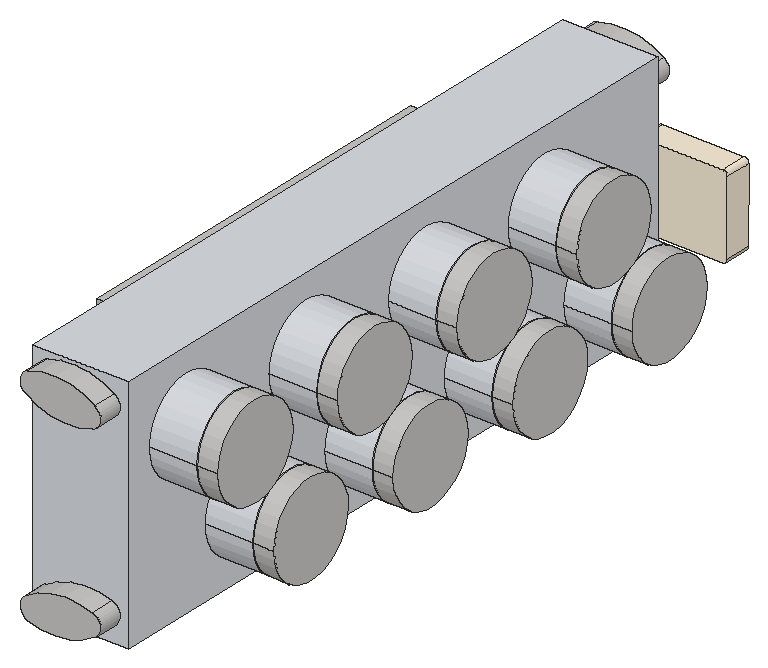
Revit family "HVAC_Ductwork_Airzone_Motorized-Plenum_Hitachi_Standard_8-Dampers", category Mechanical Equipment, Revit 2016
Family settings
  Part Type = Normal
  Round Connector Dimension = Use Diameter
  OmniClass Number = 23.75.70.14
  OmniClass Title = Air Ductwork
  Work Plane-Based = No
  Always vertical = Yes
  Cut with Voids When Loaded = No
  Shared = No
  Room Calculation Point = No
Parameters (values of type "HITST01XL8")
  Voltage = 230 V
  URL = "www.airzone.es"
  Type Image Comments = "Image available in product documentation download"  # constant formula
  Revit Model Version = "1.0"  # constant formula
  Revit Model Author URL = "www.a3d.es"
  Revit Model Author = "A3D Consulting"  # constant formula
  Product Documentation Download URL = "http://doc.airzone.es/BIM/Easyzone/Hitachi-Airzone_motorized_plenum.zip"
  Product Comments = "Refer to technical documentation for further details"  # constant formula
  Power Factor = 1
  Neck Width = 845.600 mm
  Neck Length = 95.000 mm
  Neck Height = 253.600 mm
  Material = Metal - AIRZONE - Galvanized Sheet - Semi-polished
  Main Control Board Material = Plastic - AIRZONE - Smooth - Off-white
  Load Classification = Other
  Insulated Body Width = 205.000 mm  # constant formula
  Insulated Body Material = Metal -AIRZONE - Insulating Lining -Aluminum Finish
  Insulated Body Length = 1425.000 mm  # constant formula
  Insulated Body Height = 515.000 mm  # constant formula
  Fresh Air Inlet 4 Flow [instance] = 0 m³/h
  Fresh Air Inlet 3 Flow [instance] = 0 m³/h
  Flow [instance] = Damper 8 Air Flow + Damper 7 Air Flow + Damper 6 Air Flow + Damper 5 Air Flow + Damper 4 Air Flow + Damper 3 Air Flow + Damper 2 Air Flow + Damper 1 Air Flow - Fresh Air Inlet 4 Flow - Fresh Air Inlet 3 Flow - Fresh Air Inlet 2 Flow - Fresh Air Inlet 1 Flow  # 2400 m³/h
  Fresh Air Inlet 1 Flow [instance] = 0 m³/h
  Fresh Air Inlet 2 Flow [instance] = 0 m³/h
  Fresh Air Inlet Connection Width = 175.000 mm
  Fresh Air Inlet Connection Height = 75.000 mm
  Model = "HITST01XL8"
  Neck Side Offset = 289.700 mm
  Neck Bottom Offset = 189.200 mm
  Type Image = <None>
  Manufacturer = "AIRZONE"  # constant formula
  Main Control Board Depth = 57.000 mm  # constant formula
  Main Control Board Width = 195.000 mm  # constant formula
  Main Control Board Height = 180.000 mm  # constant formula
  Fixing = ""
  Disclaimer = "All information provided in this model is reviewed before being published. However, Airzone cannot guarantee this model is error-free, therefore users are strongly encouraged to check for technical documentation and updates"  # constant formula
  Description = "Airzone standard motorized plenum with neck that mechanically adapts to the main ducted AC units of Hitachi."
  Type Comments = ""
  Dampers Length = 149.000 mm  # constant formula
  Dampers Diameter = 200.000 mm  # constant formula
  Damper 8 Air Flow [instance] = 300 m³/h
  Damper 7 Air Flow [instance] = 300 m³/h
  Damper 6 Air Flow [instance] = 300 m³/h
  Damper 5 Air Flow [instance] = 300 m³/h
  Damper 4 Air Flow [instance] = 300 m³/h
  Damper 1 Air Flow [instance] = 300 m³/h
  Damper 2 Air Flow [instance] = 300 m³/h
  Damper 3 Air Flow [instance] = 300 m³/h
  Fresh Air Inlet Connection Offset Height = 48.305 mm  # constant formula
  Compatible Accesories = ""
  Apparent Load = 57.5 VA
Types (2, lengths in mm): name | Neck Width | Neck Height | Model | Neck Side Offset | Neck Bottom Offset
  HITST01XL8 | 845.600 | 253.600 | "HITST01XL8" | 289.700 | 189.200
  HITST01L8 | 1262.200 | 179.400 | "HITST01L8" | 126.400 | 178.300
Reference planes
  plane 1 "Center (Front/Back)": y = 0
  plane 2 "Center (Elevation)": z = 0
  plane 3 "Center (Left/Right)": x = 0
  plane 4 "Neck Back": y = 422.8
  plane 5 "Neck Front": y = -422.8
  plane 6 "Neck Top": z = 126.8
  plane 7 "Neck Bottom": z = -126.8
  plane 8 "Left": x = 95
  plane 9 "Bottom": z = -316
  plane 10 "Top": z = 199
  plane 11 "Front": y = -712.5
  plane 12 "Back": y = 712.5
  plane 13 "Right": x = 300
  plane 14 "Dampers Front": x = 449
  plane 15 "Dampers L1 Center (Elevation)": z = 49
  plane 16 "Damper3": y = -235.84
  plane 17 "Damper2": y = 85.83
  plane 18 "Damper1": y = 407.5
  plane 19 "Middle": y = 0
  plane 20 "FreshAir L2 Center (Elevation)": z = -267.695
  plane 21 "FreshAir1": y = 765
  plane 22 "FreshAir2": y = -765
  plane 23 "Dampers Lining": x = 404
  plane 24 "FreshAir Vertical Axis": x = 195.83
  plane 25 "ConnectionBox Side": x = 254
  plane 26 "Main Control Board Center (Left/Right)": x = 351.5
  plane 27 "Damper4": y = -557.51
  plane 28 "Dampers L2 Center (Elevation)": z = -166
  plane 29 "Damper5": y = 557.51
  plane 30 "Damper6": y = 235.84
  plane 31 "Damper7": y = -85.83
  plane 32 "Damper8": y = -407.5
  plane 33 "InsulatedBody Center (Elevation)": z = -58.5
  plane 34 "FreshAir L1 Center (Elevation)": z = 150.695
Forms (mm)
  Extrusion 1, solid, material "Metal - AIRZONE - Galvanized Sheet - Semi-polished" <- "Material"
    sketch origin (0, 0, 0) x (0, 1, 0) y (0, 0, 1)
      loop
        line (-422.8, 126.8) -> (-422.8, -126.8) -> (422.8, -126.8) -> (422.8, 126.8) -> (-422.8, 126.8)
    from 0 to 95
  Extrusion 2, solid, material "Metal -AIRZONE - Insulating Lining -Aluminum Finish" <- "Insulated Body Material"
    sketch origin (95, 0, 0) x (0, 1, 0) y (0, 0, 1)
      loop
        line (-712.5, 199) -> (-712.5, -316) -> (712.5, -316) -> (712.5, 199) -> (-712.5, 199)
    from 0 to 205
  Extrusion 3, solid, material "Metal - AIRZONE - Galvanized Sheet - Semi-polished" <- "Material"
    sketch origin (300, 0, 0) x (0, 1, 0) y (0, 0, 1)
      loop
        circle (-235.84, 49) r 100
    from 104 to 149
  Extrusion 4, solid, material "Metal - AIRZONE - Galvanized Sheet - Semi-polished" <- "Material"
    sketch origin (300, 0, 0) x (0, 1, 0) y (0, 0, 1)
      loop
        circle (85.83, 49) r 100
    from 104 to 149
  Extrusion 5, solid, material "Metal - AIRZONE - Galvanized Sheet - Semi-polished" <- "Material"
    sketch origin (300, 0, 0) x (0, 1, 0) y (0, 0, 1)
      loop
        circle (407.5, 49) r 100
    from 104 to 149
  Extrusion 6, solid, material "Metal - AIRZONE - Galvanized Sheet - Semi-polished" <- "Material"
    sketch origin (0, -712.5, 0) x (0, 0, 1) y (1, 0, 0)
      loop
        arc (-235.141, 265.204) -> (-256.608, 282.105) -> (-281.312, 270.434) r 25.96
        arc (-281.312, 270.434) -> (-307.302, 200.598) -> (-299.849, 126.456) r 164.67
        arc (-299.849, 126.456) -> (-278.665, 109.589) -> (-253.994, 120.751) r 25.96
        arc (-253.994, 120.751) -> (-227.725, 190.78) -> (-235.141, 265.204) r 164.67
    from 0 to -52.5
  Extrusion 7, solid, material "Metal - AIRZONE - Galvanized Sheet - Semi-polished" <- "Material"
    sketch origin (0, 712.5, 0) x (0, 0, 1) y (1, 0, 0)
      loop
        arc (-235.141, 265.204) -> (-256.325, 282.071) -> (-280.996, 270.909) r 25.96
        arc (-280.996, 270.909) -> (-307.179, 201.53) -> (-300.267, 127.699) r 164.67
        arc (-300.267, 127.699) -> (-279.032, 109.637) -> (-253.678, 121.226) r 25.96
        arc (-253.678, 121.226) -> (-227.688, 191.062) -> (-235.141, 265.204) r 164.67
    from 0 to 52.5
  Extrusion 8, solid, material "Metal -AIRZONE - Insulating Lining -Aluminum Finish" <- "Insulated Body Material"
    sketch origin (300, 0, 0) x (0, 1, 0) y (0, 0, 1)
      loop
        circle (407.5, 49) r 100
    from 0 to 104
  Extrusion 9, solid, material "Metal -AIRZONE - Insulating Lining -Aluminum Finish" <- "Insulated Body Material"
    sketch origin (300, -260, 0) x (0, 1, 0) y (0, 0, 1)
      loop
        circle (345.83, 49) r 100
    from 0 to 104
  Extrusion 10, solid, material "Metal -AIRZONE - Insulating Lining -Aluminum Finish" <- "Insulated Body Material"
    sketch origin (300, -520, 0) x (0, 1, 0) y (0, 0, 1)
      loop
        circle (284.16, 49) r 100
    from 0 to 104
  Extrusion 11, solid, material "Metal - AIRZONE - Galvanized Sheet - Semi-polished" <- "Material"
    sketch origin (300, -190, 0) x (0, 1, 0) y (0, 0, 1)
      loop
        circle (-367.51, 49) r 100
    from 104 to 149
  Extrusion 12, solid, material "Metal -AIRZONE - Insulating Lining -Aluminum Finish" <- "Insulated Body Material"
    sketch origin (300, -710, 0) x (0, 1, 0) y (0, 0, 1)
      loop
        circle (152.49, 49) r 100
    from 0 to 104
  Extrusion 13, solid, material "Metal -AIRZONE - Insulating Lining -Aluminum Finish" <- "Insulated Body Material"
    sketch origin (300, -100, 0) x (0, 1, 0) y (0, 0, 1)
      loop
        circle (657.51, -166) r 100
    from 0 to 104
  Extrusion 14, solid, material "Metal - AIRZONE - Galvanized Sheet - Semi-polished" <- "Material"
    sketch origin (300, 150.01, 0) x (0, 1, 0) y (0, 0, 1)
      loop
        circle (407.5, -166) r 100
    from 104 to 149
  Extrusion 15, solid, material "Metal -AIRZONE - Insulating Lining -Aluminum Finish" <- "Insulated Body Material"
    sketch origin (300, -421.67, 0) x (0, 1, 0) y (0, 0, 1)
      loop
        circle (657.51, -166) r 100
    from 0 to 104
  Extrusion 16, solid, material "Metal - AIRZONE - Galvanized Sheet - Semi-polished" <- "Material"
    sketch origin (300, -171.66, 0) x (0, 1, 0) y (0, 0, 1)
      loop
        circle (407.5, -166) r 100
    from 104 to 149
  Extrusion 17, solid, material "Metal -AIRZONE - Insulating Lining -Aluminum Finish" <- "Insulated Body Material"
    sketch origin (300, -743.34, 0) x (0, 1, 0) y (0, 0, 1)
      loop
        circle (657.51, -166) r 100
    from 0 to 104
  Extrusion 18, solid, material "Metal - AIRZONE - Galvanized Sheet - Semi-polished" <- "Material"
    sketch origin (300, -493.33, 0) x (0, 1, 0) y (0, 0, 1)
      loop
        circle (407.5, -166) r 100
    from 104 to 149
  Extrusion 19, solid, material "Metal -AIRZONE - Insulating Lining -Aluminum Finish" <- "Insulated Body Material"
    sketch origin (300, -1065.01, 0) x (0, 1, 0) y (0, 0, 1)
      loop
        circle (657.51, -166) r 100
    from 0 to 104
  Extrusion 20, solid, material "Metal - AIRZONE - Galvanized Sheet - Semi-polished" <- "Material"
    sketch origin (300, -815, 0) x (0, 1, 0) y (0, 0, 1)
      loop
        circle (407.5, -166) r 100
    from 104 to 149
  Extrusion 21, solid, material "Metal - AIRZONE - Galvanized Sheet - Semi-polished" <- "Material"
    sketch origin (0, -712.5, -30) x (0, 0, -1) y (-1, 0, 0)
      loop
        arc (-148.141, -265.204) -> (-140.725, -190.78) -> (-166.994, -120.751) r 164.67
        arc (-166.994, -120.751) -> (-191.665, -109.589) -> (-212.849, -126.456) r 25.96
        arc (-212.849, -126.456) -> (-220.302, -200.598) -> (-194.312, -270.434) r 164.67
        arc (-194.312, -270.434) -> (-169.608, -282.105) -> (-148.141, -265.204) r 25.96
    from 0 to -52.5
  Extrusion 22, solid, material "Metal - AIRZONE - Galvanized Sheet - Semi-polished" <- "Material"
    sketch origin (0, 712.5, -30) x (0, 0, -1) y (-1, 0, 0)
      loop
        arc (-148.141, -265.204) -> (-140.688, -191.062) -> (-166.678, -121.226) r 164.67
        arc (-166.678, -121.226) -> (-192.032, -109.637) -> (-213.267, -127.699) r 25.96
        arc (-213.267, -127.699) -> (-220.179, -201.53) -> (-193.996, -270.909) r 164.67
        arc (-193.996, -270.909) -> (-169.325, -282.071) -> (-148.141, -265.204) r 25.96
    from 0 to 52.5
Lines and regions (mm)
  Masking region 1
    outline origin (0, 0, 0) x (1, 0, 0) y (0, 1, 0)
      loop
        line (95, 712.5) -> (95, -712.5) -> (300, -712.5) -> (300, 712.5) -> (95, 712.5)
  Masking region 2, detail levels medium+fine
    outline origin (0, 0, 0) x (1, 0, 0) y (0, 1, 0)
      loop
        line (0, 422.8) -> (0, -422.8) -> (95, -422.8) -> (95, 422.8) -> (0, 422.8)
  Masking region 3, detail levels medium+fine
    outline origin (0, 0, -267.695) x (1, 0, 0) y (0, 1, 0)
      loop
        line (108.33, 765) -> (108.33, 712.5) -> (283.33, 712.5) -> (283.33, 765) -> (108.33, 765)
  Masking region 4, detail levels medium+fine
    outline origin (0, 0, -267.695) x (1, 0, 0) y (0, 1, 0)
      loop
        line (108.33, -712.5) -> (108.33, -765) -> (283.33, -765) -> (283.33, -712.5) -> (108.33, -712.5)
  Masking region 5, detail levels medium+fine
    outline origin (0, 0, 0) x (1, 0, 0) y (0, 1, 0)
      loop
        line (254, 769.5) -> (254, 712.5) -> (449, 712.5) -> (449, 769.5) -> (254, 769.5)
  Masking region 6, detail levels medium+fine
    outline origin (0, 0, 49) x (0, -1, 0) y (1, 0, 0)
      loop
        line (457.51, 300) -> (657.51, 300) -> (657.51, 449) -> (457.51, 449) -> (457.51, 300)
  Masking region 7, detail levels medium+fine
    outline origin (0, 321.67, 49) x (0, -1, 0) y (1, 0, 0)
      loop
        line (457.51, 300) -> (657.51, 300) -> (657.51, 449) -> (457.51, 449) -> (457.51, 300)
  Masking region 8, detail levels medium+fine
    outline origin (0, 643.34, 49) x (0, -1, 0) y (1, 0, 0)
      loop
        line (457.51, 300) -> (657.51, 300) -> (657.51, 449) -> (457.51, 449) -> (457.51, 300)
  Masking region 9, detail levels medium+fine
    outline origin (0, 965.01, 49) x (0, -1, 0) y (1, 0, 0)
      loop
        line (457.51, 300) -> (657.51, 300) -> (657.51, 449) -> (457.51, 449) -> (457.51, 300)
  Masking region 10, detail levels medium+fine
    outline origin (0, 0, -166) x (0, -1, 0) y (1, 0, 0)
      loop
        line (-657.51, 300) -> (-457.51, 300) -> (-457.51, 449) -> (-657.51, 449) -> (-657.51, 300)
  Masking region 11, detail levels medium+fine
    outline origin (0, -321.67, -166) x (0, -1, 0) y (1, 0, 0)
      loop
        line (-657.51, 300) -> (-457.51, 300) -> (-457.51, 449) -> (-657.51, 449) -> (-657.51, 300)
  Masking region 12, detail levels medium+fine
    outline origin (0, -643.34, -166) x (0, -1, 0) y (1, 0, 0)
      loop
        line (-657.51, 300) -> (-457.51, 300) -> (-457.51, 449) -> (-657.51, 449) -> (-657.51, 300)
  Masking region 13, detail levels medium+fine
    outline origin (0, -965.01, -166) x (0, -1, 0) y (1, 0, 0)
      loop
        line (-657.51, 300) -> (-457.51, 300) -> (-457.51, 449) -> (-657.51, 449) -> (-657.51, 300)
  symbolic lines, detail levels coarse
    curve 1: line (95, -712.5, 0) -> (300, 0, 0)
    curve 2: line (300, 0, 0) -> (95, 712.5, 0)
Dimensions and locks
  equal spacing: plane 4 "Neck Back", plane 1 "Center (Front/Back)", plane 5 "Neck Front"
  "Neck Width": plane 4 "Neck Back" to plane 5 "Neck Front"
  equal spacing: plane 6 "Neck Top", level, plane 7 "Neck Bottom"
  "Neck Height": plane 6 "Neck Top" to plane 7 "Neck Bottom"
  "Neck Length": plane 3 "Center (Left/Right)" to plane 8 "Left"
  "Neck Bottom Offset": plane 7 "Neck Bottom" to plane 9 "Bottom"
  "Insulated Body Height": plane 10 "Top" to plane 9 "Bottom"
  "Insulated Body Length": plane 12 "Back" to plane 11 "Front"
  "Insulated Body Width": plane 8 "Left" to plane 13 "Right"
  "Dampers Length": plane 13 "Right" to plane 14 "Dampers Front"
  equal spacing: plane 12 "Back", plane 19 "Middle", plane 11 "Front"
  plane 8 "Left" to plane 13 "Right" = 205.000 mm
  "Fresh Air Inlet Connection Offset Height": plane 20 "FreshAir L2 Center (Elevation)" to plane 9 "Bottom"
  locked: Extrusion 6 sketch curve to plane 9 "Bottom" at 56.47
  locked: plane 13 "Right" to Extrusion 6 sketch curve at 43.69
  locked: plane 13 "Right" to Extrusion 6 sketch curve at 164.65
  locked: Extrusion 6 sketch curve to plane 9 "Bottom" at 40.54
  locked: plane 13 "Right" to Extrusion 6 sketch curve at 87.91
  locked: plane 9 "Bottom" to Extrusion 6 sketch curve at 75.01
  locked: plane 13 "Right" to Extrusion 6 sketch curve at 120.43
  locked: Extrusion 6 sketch curve to plane 9 "Bottom" at 172.02
  locked: plane 13 "Right" to Extrusion 7 sketch curve at 43.69
  locked: Extrusion 7 sketch curve to plane 9 "Bottom" at 56.47
  locked: Extrusion 7 sketch curve to plane 9 "Bottom" at 40.54
  locked: plane 13 "Right" to Extrusion 7 sketch curve at 164.65
  locked: plane 13 "Right" to Extrusion 7 sketch curve at 120.43
  locked: Extrusion 7 sketch curve to plane 9 "Bottom" at 172.02
  locked: plane 9 "Bottom" to Extrusion 7 sketch curve at 75.01
  locked: plane 13 "Right" to Extrusion 7 sketch curve at 87.91
  "Neck Side Offset": plane 12 "Back" to plane 4 "Neck Back"
  locked: plane 21 "FreshAir1" to plane 12 "Back" at 52.5
  plane 11 "Front" to plane 22 "FreshAir2" = 52.500 mm
  locked: connector elem to plane 13 "Right" at 104.17
  locked: plane 20 "FreshAir L2 Center (Elevation)" to connector elem
  locked: plane 13 "Right" to connector elem at 104.17
  locked: connector elem to plane 20 "FreshAir L2 Center (Elevation)"
  locked: plane 23 "Dampers Lining" to plane 14 "Dampers Front" at 45
  locked: plane 24 "FreshAir Vertical Axis" to plane 13 "Right" at 104.17
  equal spacing: Masking region 3 sketch curve, plane 24 "FreshAir Vertical Axis", Masking region 3 sketch curve
  "Fresh Air Inlet Connection Width": Masking region 3 sketch curve to Masking region 3 sketch curve
  equal spacing: Masking region 4 sketch curve, plane 24 "FreshAir Vertical Axis", Masking region 4 sketch curve
  "Fresh Air Inlet Connection Width": Masking region 4 sketch curve to Masking region 4 sketch curve
  "Main Control Board Depth": Masking region 5 sketch curve to plane 12 "Back"
  "Main Control Board Width": plane 25 "ConnectionBox Side" to plane 14 "Dampers Front"
  equal spacing: plane 25 "ConnectionBox Side", plane 26 "Main Control Board Center (Left/Right)", plane 14 "Dampers Front"
  equal spacing: Masking region 6 sketch curve, plane 27 "Damper4", Masking region 6 sketch curve
  "Dampers Diameter": Masking region 6 sketch curve to Masking region 6 sketch curve
  plane 18 "Damper1" to plane 17 "Damper2" to plane 16 "Damper3" to plane 27 "Damper4" = 321.670 mm locked, 321.670 mm locked, 321.670 mm locked
  locked: plane 17 "Damper2" to plane 19 "Middle" at 85.83
  locked: plane 10 "Top" to plane 15 "Dampers L1 Center (Elevation)" at 150
  locked: plane 28 "Dampers L2 Center (Elevation)" to plane 9 "Bottom" at 150
  plane 29 "Damper5" to plane 30 "Damper6" to plane 31 "Damper7" to plane 32 "Damper8" = 321.670 mm locked, 321.670 mm locked, 321.670 mm locked
  locked: plane 19 "Middle" to plane 31 "Damper7" at 85.83
  equal spacing: Masking region 7 sketch curve, plane 16 "Damper3", Masking region 7 sketch curve
  "Dampers Diameter": Masking region 7 sketch curve to Masking region 7 sketch curve
  equal spacing: Masking region 8 sketch curve, plane 17 "Damper2", Masking region 8 sketch curve
  "Dampers Diameter": Masking region 8 sketch curve to Masking region 8 sketch curve
  equal spacing: Masking region 9 sketch curve, plane 18 "Damper1", Masking region 9 sketch curve
  "Dampers Diameter": Masking region 9 sketch curve to Masking region 9 sketch curve
  equal spacing: Masking region 10 sketch curve, plane 29 "Damper5", Masking region 10 sketch curve
  "Dampers Diameter": Masking region 10 sketch curve to Masking region 10 sketch curve
  equal spacing: Masking region 11 sketch curve, plane 30 "Damper6", Masking region 11 sketch curve
  "Dampers Diameter": Masking region 11 sketch curve to Masking region 11 sketch curve
  equal spacing: Masking region 12 sketch curve, plane 31 "Damper7", Masking region 12 sketch curve
  "Dampers Diameter": Masking region 12 sketch curve to Masking region 12 sketch curve
  equal spacing: Masking region 13 sketch curve, plane 32 "Damper8", Masking region 13 sketch curve
  "Dampers Diameter": Masking region 13 sketch curve to Masking region 13 sketch curve
  equal spacing: plane 10 "Top", plane 33 "InsulatedBody Center (Elevation)", plane 9 "Bottom"
  locked: plane 13 "Right" to Extrusion 21 sketch curve at 43.69
  locked: plane 13 "Right" to Extrusion 21 sketch curve at 87.91
  locked: plane 13 "Right" to Extrusion 21 sketch curve at 120.43
  locked: plane 13 "Right" to Extrusion 21 sketch curve at 164.65
  locked: Extrusion 21 sketch curve to plane 10 "Top" at 75.01
  locked: plane 10 "Top" to Extrusion 21 sketch curve at 40.54
  locked: plane 10 "Top" to Extrusion 21 sketch curve at 56.47
  locked: plane 10 "Top" to Extrusion 21 sketch curve at 172.02
  locked: plane 10 "Top" to Extrusion 22 sketch curve at 75.01
  locked: Extrusion 22 sketch curve to plane 10 "Top" at 40.54
  locked: Extrusion 22 sketch curve to plane 10 "Top" at 56.47
  locked: Extrusion 22 sketch curve to plane 10 "Top" at 172.02
  locked: plane 13 "Right" to Extrusion 22 sketch curve at 43.69
  locked: plane 13 "Right" to Extrusion 22 sketch curve at 87.91
  locked: plane 13 "Right" to Extrusion 22 sketch curve at 120.43
  locked: plane 13 "Right" to Extrusion 22 sketch curve at 164.65
  "Fresh Air Inlet Connection Offset Height": plane 10 "Top" to plane 34 "FreshAir L1 Center (Elevation)"
  locked: connector elem to plane 24 "FreshAir Vertical Axis"  (x2)
  locked: connector elem to plane 34 "FreshAir L1 Center (Elevation)"  (x2)
  "Dampers Diameter": diameter of Extrusion 3 sketch curve
  "Dampers Diameter": diameter of Extrusion 4 sketch curve
  "Dampers Diameter": diameter of Extrusion 5 sketch curve
  radius of Extrusion 7 sketch curve = 164.670 mm  (x2)
  radius of Extrusion 7 sketch curve = 25.960 mm  (x2)
  radius of Extrusion 6 sketch curve = 164.670 mm  (x2)
  radius of Extrusion 6 sketch curve = 25.960 mm  (x2)
  "Dampers Diameter": diameter of Extrusion 8 sketch curve
  "Dampers Diameter": diameter of Extrusion 9 sketch curve
  "Dampers Diameter": diameter of Extrusion 10 sketch curve
  "Dampers Diameter": diameter of Extrusion 11 sketch curve
  "Dampers Diameter": diameter of Extrusion 12 sketch curve
  "Dampers Diameter": diameter of Extrusion 13 sketch curve
  "Dampers Diameter": diameter of Extrusion 14 sketch curve
  "Dampers Diameter": diameter of Extrusion 15 sketch curve
  "Dampers Diameter": diameter of Extrusion 16 sketch curve
  "Dampers Diameter": diameter of Extrusion 17 sketch curve
  "Dampers Diameter": diameter of Extrusion 18 sketch curve
  "Dampers Diameter": diameter of Extrusion 19 sketch curve
  "Dampers Diameter": diameter of Extrusion 20 sketch curve
  radius of Extrusion 21 sketch curve = 164.670 mm  (x2)
  radius of Extrusion 21 sketch curve = 25.960 mm  (x2)
  radius of Extrusion 22 sketch curve = 164.670 mm  (x2)
  radius of Extrusion 22 sketch curve = 25.960 mm  (x2)
  aligned and locked: level to plane 2 "Center (Elevation)"
  aligned and locked: plane 5 "Neck Front" to Extrusion 1 sketch curve
  aligned and locked: Extrusion 1 sketch curve to plane 6 "Neck Top"
  aligned and locked: Extrusion 1 sketch curve to plane 4 "Neck Back"
  aligned and locked: plane 7 "Neck Bottom" to Extrusion 1 sketch curve
  aligned and locked: Extrusion 1 to plane 3 "Center (Left/Right)"
  aligned and locked: Extrusion 2 sketch curve to plane 10 "Top"
  aligned and locked: Extrusion 2 sketch curve to plane 12 "Back"
  aligned and locked: plane 9 "Bottom" to Extrusion 2 sketch curve
  aligned and locked: plane 11 "Front" to Extrusion 2 sketch curve
  aligned and locked: plane 13 "Right" to Extrusion 2
  aligned and locked: Extrusion 2 to plane 8 "Left"
  aligned and locked: plane 16 "Damper3" to Extrusion 3 sketch curve
  aligned and locked: plane 15 "Dampers L1 Center (Elevation)" to Extrusion 3 sketch curve
  aligned and locked: plane 15 "Dampers L1 Center (Elevation)" to Extrusion 4 sketch curve
  aligned and locked: plane 18 "Damper1" to Extrusion 5 sketch curve
  aligned and locked: plane 15 "Dampers L1 Center (Elevation)" to Extrusion 5 sketch curve
  aligned and locked: plane 14 "Dampers Front" to Extrusion 5
  aligned and locked: plane 14 "Dampers Front" to Extrusion 4
  aligned and locked: plane 14 "Dampers Front" to Extrusion 3
  aligned and locked: plane 8 "Left" to Extrusion 1
  aligned and locked: plane 22 "FreshAir2" to Extrusion 6
  aligned and locked: plane 21 "FreshAir1" to Extrusion 7
  aligned and locked: Extrusion 7 to plane 12 "Back"
  aligned and locked: plane 11 "Front" to Extrusion 6
  aligned and locked: Extrusion 5 to plane 23 "Dampers Lining"
  aligned and locked: Extrusion 5 to Extrusion 4
  aligned and locked: Extrusion 4 to Extrusion 3
  aligned and locked: plane 23 "Dampers Lining" to Extrusion 8
  aligned and locked: Extrusion 10 to plane 13 "Right"
  aligned and locked: plane 23 "Dampers Lining" to Extrusion 10
  aligned and locked: Extrusion 9 to plane 13 "Right"
  aligned and locked: plane 23 "Dampers Lining" to Extrusion 9
  aligned and locked: Extrusion 8 to plane 13 "Right"
  aligned and locked: Extrusion 9 to Extrusion 8
  aligned and locked: plane 18 "Damper1" to Extrusion 8 sketch curve
  aligned and locked: plane 15 "Dampers L1 Center (Elevation)" to Extrusion 8 sketch curve
  aligned and locked: plane 15 "Dampers L1 Center (Elevation)" to Extrusion 9 sketch curve
  aligned and locked: plane 16 "Damper3" to Extrusion 10 sketch curve
  aligned and locked: plane 15 "Dampers L1 Center (Elevation)" to Extrusion 10 sketch curve
  aligned and locked: Masking region 1 sketch curve to plane 12 "Back"
  aligned and locked: plane 8 "Left" to Masking region 1 sketch curve
  aligned and locked: Masking region 1 sketch curve to plane 13 "Right"
  aligned and locked: plane 11 "Front" to Masking region 1 sketch curve
  aligned and locked: plane 5 "Neck Front" to Masking region 2 sketch curve
  aligned and locked: plane 3 "Center (Left/Right)" to Masking region 2 sketch curve
  aligned and locked: Masking region 2 sketch curve to plane 4 "Neck Back"
  aligned and locked: Masking region 2 sketch curve to plane 8 "Left"
  aligned and locked: plane 12 "Back" to Masking region 3 sketch curve
  aligned and locked: Masking region 3 sketch curve to plane 21 "FreshAir1"
  aligned and locked: Masking region 4 sketch curve to plane 11 "Front"
  aligned and locked: Masking region 4 sketch curve to plane 22 "FreshAir2"
  aligned and locked: plane 12 "Back" to Masking region 5 sketch curve
  aligned and locked: Masking region 5 sketch curve to plane 14 "Dampers Front"
  aligned and locked: plane 25 "ConnectionBox Side" to Masking region 5 sketch curve
  aligned and locked: plane 17 "Damper2" to Extrusion 9 sketch curve
  aligned and locked: plane 17 "Damper2" to Extrusion 4 sketch curve
  aligned and locked: Masking region 6 sketch curve to plane 14 "Dampers Front"
  aligned and locked: plane 13 "Right" to Masking region 6 sketch curve
  aligned and locked: Extrusion 12 to plane 13 "Right"
  aligned and locked: plane 23 "Dampers Lining" to Extrusion 12
  aligned and locked: Extrusion 11 to plane 23 "Dampers Lining"
  aligned and locked: plane 14 "Dampers Front" to Extrusion 11
  aligned and locked: plane 15 "Dampers L1 Center (Elevation)" to Extrusion 12 sketch curve
  aligned and locked: plane 27 "Damper4" to Extrusion 12 sketch curve
  aligned and locked: plane 15 "Dampers L1 Center (Elevation)" to Extrusion 11 sketch curve
  aligned and locked: plane 27 "Damper4" to Extrusion 11 sketch curve
  aligned and locked: Extrusion 13 to plane 13 "Right"
  aligned and locked: plane 23 "Dampers Lining" to Extrusion 13
  aligned and locked: plane 28 "Dampers L2 Center (Elevation)" to Extrusion 13 sketch curve
  aligned and locked: plane 29 "Damper5" to Extrusion 13 sketch curve
  aligned and locked: Extrusion 14 to plane 23 "Dampers Lining"
  aligned and locked: plane 14 "Dampers Front" to Extrusion 14
  aligned and locked: plane 28 "Dampers L2 Center (Elevation)" to Extrusion 14 sketch curve
  aligned and locked: plane 29 "Damper5" to Extrusion 14 sketch curve
  aligned and locked: Extrusion 15 to plane 13 "Right"
  aligned and locked: plane 23 "Dampers Lining" to Extrusion 15
  aligned and locked: Extrusion 17 to plane 13 "Right"
  aligned and locked: plane 23 "Dampers Lining" to Extrusion 17
  aligned and locked: Extrusion 19 to plane 13 "Right"
  aligned and locked: plane 23 "Dampers Lining" to Extrusion 19
  aligned and locked: Extrusion 20 to plane 23 "Dampers Lining"
  aligned and locked: plane 14 "Dampers Front" to Extrusion 20
  aligned and locked: Extrusion 18 to plane 23 "Dampers Lining"
  aligned and locked: plane 14 "Dampers Front" to Extrusion 18
  aligned and locked: Extrusion 16 to plane 23 "Dampers Lining"
  aligned and locked: plane 14 "Dampers Front" to Extrusion 16
  aligned and locked: plane 30 "Damper6" to Extrusion 16 sketch curve
  aligned and locked: plane 28 "Dampers L2 Center (Elevation)" to Extrusion 16 sketch curve
  aligned and locked: plane 31 "Damper7" to Extrusion 18 sketch curve
  aligned and locked: plane 28 "Dampers L2 Center (Elevation)" to Extrusion 18 sketch curve
  aligned and locked: plane 32 "Damper8" to Extrusion 20 sketch curve
  aligned and locked: plane 28 "Dampers L2 Center (Elevation)" to Extrusion 20 sketch curve
  aligned and locked: plane 32 "Damper8" to Extrusion 19 sketch curve
  aligned and locked: plane 28 "Dampers L2 Center (Elevation)" to Extrusion 19 sketch curve
  aligned and locked: plane 28 "Dampers L2 Center (Elevation)" to Extrusion 17 sketch curve
  aligned and locked: plane 31 "Damper7" to Extrusion 17 sketch curve
  aligned and locked: plane 30 "Damper6" to Extrusion 15 sketch curve
  aligned and locked: plane 28 "Dampers L2 Center (Elevation)" to Extrusion 15 sketch curve
  aligned and locked: plane 13 "Right" to Masking region 7 sketch curve
  aligned and locked: Masking region 7 sketch curve to plane 14 "Dampers Front"
  aligned and locked: plane 13 "Right" to Masking region 8 sketch curve
  aligned and locked: Masking region 8 sketch curve to plane 14 "Dampers Front"
  aligned and locked: plane 13 "Right" to Masking region 9 sketch curve
  aligned and locked: Masking region 9 sketch curve to plane 14 "Dampers Front"
  aligned and locked: plane 13 "Right" to Masking region 10 sketch curve
  aligned and locked: Masking region 10 sketch curve to plane 14 "Dampers Front"
  aligned and locked: plane 13 "Right" to Masking region 13 sketch curve
  aligned and locked: Masking region 13 sketch curve to plane 14 "Dampers Front"
  aligned and locked: plane 13 "Right" to Masking region 12 sketch curve
  aligned and locked: Masking region 12 sketch curve to plane 14 "Dampers Front"
  aligned and locked: plane 13 "Right" to Masking region 11 sketch curve
  aligned and locked: Masking region 11 sketch curve to plane 14 "Dampers Front"
  aligned and locked: plane 11 "Front" to Extrusion 21
  aligned and locked: plane 22 "FreshAir2" to Extrusion 21
  aligned and locked: plane 21 "FreshAir1" to Extrusion 22
  aligned and locked: Extrusion 22 to plane 12 "Back"
  aligned and locked: nested 1 to plane 12 "Back"
  aligned and locked: nested 1 to plane 26 "Main Control Board Center (Left/Right)"
  aligned and locked: nested 1 to plane 33 "InsulatedBody Center (Elevation)"
Automatic sketch dimensions
  curve 2 to plane 8 "Left" = 0.000 mm
  curve 1 to plane 8 "Left" = 0.000 mm
  curve 2 to plane 13 "Right" = 0.000 mm
  curve 1 to plane 11 "Front" = 0.000 mm
  curve 2 to plane 19 "Middle" = 0.000 mm
  curve 2 to plane 12 "Back" = 0.000 mm
Nested families
  nested 1: "Airzone_Main-Control-Board" at (351.5, 712.5, -58.5) x (-1, 0, 0) z (0, 1, 0), Extrusion <- "Main Control Board Depth", Height <- "Main Control Board Height", Width <- "Main Control Board Width", Material <- "Main Control Board Material", type "Standard"
    with Width 195.000 mm, Material Plastic - AIRZONE - Smooth - Off-white, Height 180.000 mm, Extrusion 57.000 mm
Connectors
  hvac at (449, -235.84, 49), driven by "Damper 3 Air Flow", driven by "Dampers Diameter"
    settings: on Extrusion 3, index 1, duct flow 300 m³/h, flow factor 0, pres drop 0.0 Pa, loss coef 0, conn angle 0.00°, conn width 304.8 mm, conn height 304.8 mm, conn diameter 200 mm, duct sys type 1, conn prof type 0, flow config 0, flow direction 2, loss method 0, conn ref index -1, conn util no, is conn primary no, conn desc "Supply Air Out 3"
  hvac at (449, 85.83, 49), driven by "Damper 2 Air Flow", driven by "Dampers Diameter"
    settings: on Extrusion 4, index 2, duct flow 300 m³/h, flow factor 0, pres drop 0.0 Pa, loss coef 0, conn angle 0.00°, conn width 304.8 mm, conn height 304.8 mm, conn diameter 200 mm, duct sys type 1, conn prof type 0, flow config 0, flow direction 2, loss method 0, conn ref index -1, conn util no, is conn primary no, conn desc "Supply Air Out 2"
  hvac at (449, 407.5, 49), driven by "Damper 1 Air Flow", driven by "Dampers Diameter"
    settings: on Extrusion 5, index 3, duct flow 300 m³/h, flow factor 0, pres drop 0.0 Pa, loss coef 0, conn angle 0.00°, conn width 304.8 mm, conn height 304.8 mm, conn diameter 200 mm, duct sys type 1, conn prof type 0, flow config 0, flow direction 2, loss method 0, conn ref index -1, conn util no, is conn primary no, conn desc "Supply Air Out 1"
  hvac at (0, 0, 0), driven by "Flow", driven by "Neck Height", driven by "Neck Width"
    settings: on Extrusion 1, index 6, duct flow 2400 m³/h, flow factor 0, pres drop 0.0 Pa, loss coef 0, conn angle 0.00°, conn width 845.6 mm, conn height 253.6 mm, conn diameter 609.6 mm, duct sys type 1, conn prof type 1, flow config 1, flow direction 1, loss method 0, conn ref index -1, conn util no, is conn primary yes, conn desc "Supply Air In"
  hvac at (195.83, -765, -267.695), driven by "Fresh Air Inlet 4 Flow", driven by "Fresh Air Inlet Connection Width", driven by "Fresh Air Inlet Connection Height"
    settings: index 7, duct flow 0 m³/h, flow factor 0, pres drop 0.0 Pa, loss coef 0, conn angle 0.00°, conn width 175 mm, conn height 75 mm, conn diameter 609.6 mm, duct sys type 1, conn prof type 2, flow config 1, flow direction 1, loss method 0, conn ref index -1, conn util no, is conn primary no, conn desc "Fresh Air In 4"
  hvac at (195.83, 765, -267.695), driven by "Fresh Air Inlet 3 Flow", driven by "Fresh Air Inlet Connection Height", driven by "Fresh Air Inlet Connection Width"
    settings: index 8, duct flow 0 m³/h, flow factor 0, pres drop 0.0 Pa, loss coef 0, conn angle 0.00°, conn width 175 mm, conn height 75 mm, conn diameter 609.6 mm, duct sys type 1, conn prof type 2, flow config 1, flow direction 1, loss method 0, conn ref index -1, conn util no, is conn primary no, conn desc "Fresh Air In 3"
  hvac at (449, -557.51, 49), driven by "Damper 4 Air Flow", driven by "Dampers Diameter"
    settings: on Extrusion 11, index 9, duct flow 300 m³/h, flow factor 0, pres drop 0.0 Pa, loss coef 0, conn angle 0.00°, conn width 304.8 mm, conn height 304.8 mm, conn diameter 200 mm, duct sys type 1, conn prof type 0, flow config 0, flow direction 2, loss method 0, conn ref index -1, conn util no, is conn primary no, conn desc "Supply Air Out 4"
  hvac at (449, 557.51, -166), driven by "Dampers Diameter", driven by "Damper 5 Air Flow"
    settings: on Extrusion 14, index 10, duct flow 300 m³/h, flow factor 0, pres drop 0.0 Pa, loss coef 0, conn angle 0.00°, conn width 304.8 mm, conn height 304.8 mm, conn diameter 200 mm, duct sys type 1, conn prof type 0, flow config 0, flow direction 2, loss method 0, conn ref index -1, conn util no, is conn primary no, conn desc ""
  hvac at (449, 235.84, -166), driven by "Dampers Diameter", driven by "Damper 6 Air Flow"
    settings: on Extrusion 16, index 11, duct flow 300 m³/h, flow factor 0, pres drop 0.0 Pa, loss coef 0, conn angle 0.00°, conn width 304.8 mm, conn height 304.8 mm, conn diameter 200 mm, duct sys type 1, conn prof type 0, flow config 0, flow direction 2, loss method 0, conn ref index -1, conn util no, is conn primary no, conn desc ""
  hvac at (449, -85.83, -166), driven by "Dampers Diameter", driven by "Damper 7 Air Flow"
    settings: on Extrusion 18, index 12, duct flow 300 m³/h, flow factor 0, pres drop 0.0 Pa, loss coef 0, conn angle 0.00°, conn width 304.8 mm, conn height 304.8 mm, conn diameter 200 mm, duct sys type 1, conn prof type 0, flow config 0, flow direction 2, loss method 0, conn ref index -1, conn util no, is conn primary no, conn desc ""
  hvac at (449, -407.5, -166), driven by "Dampers Diameter", driven by "Damper 8 Air Flow"
    settings: on Extrusion 20, index 13, duct flow 300 m³/h, flow factor 0, pres drop 0.0 Pa, loss coef 0, conn angle 0.00°, conn width 304.8 mm, conn height 304.8 mm, conn diameter 200 mm, duct sys type 1, conn prof type 0, flow config 0, flow direction 2, loss method 0, conn ref index -1, conn util no, is conn primary no, conn desc ""
  hvac at (195.83, -765, 150.695), driven by "Fresh Air Inlet 2 Flow", driven by "Fresh Air Inlet Connection Height", driven by "Fresh Air Inlet Connection Width"
    settings: index 14, duct flow 0 m³/h, flow factor 0, pres drop 0.0 Pa, loss coef 0, conn angle 0.00°, conn width 175 mm, conn height 75 mm, conn diameter 609.6 mm, duct sys type 1, conn prof type 2, flow config 1, flow direction 1, loss method 0, conn ref index -1, conn util no, is conn primary no, conn desc "Fresh Air In 2"
  hvac at (195.83, 765, 150.695), driven by "Fresh Air Inlet 1 Flow", driven by "Fresh Air Inlet Connection Height", driven by "Fresh Air Inlet Connection Width"
    settings: index 15, duct flow 0 m³/h, flow factor 0, pres drop 0.0 Pa, loss coef 0, conn angle 0.00°, conn width 175 mm, conn height 75 mm, conn diameter 609.6 mm, duct sys type 1, conn prof type 2, flow config 1, flow direction 1, loss method 0, conn ref index -1, conn util no, is conn primary no, conn desc "Fresh Air In 1"
  electrical at (351.5, 769.5, -58.5), driven by "Load Classification", driven by "Voltage", driven by "Apparent Load", driven by "Power Factor"
    settings: on nested 1, index 16, voltage 230 V, apparent load 57.5 VA, apparent load phase1 0 VA, apparent load phase2 0 VA, apparent load phase3 0 VA, power factor 1, load classification "Other", number of poles 1, system type 30, power factor state 1, is connector primary yes, connector utility no, sub classification motor no, connector description "Power Supply"
Definition of nested family "Airzone_Main-Control-Board"
  Parameters (values of type "Standard")
    Width [instance] = 195.000 mm
    URL = "www.airzone.es"
    Revit Model Version = "1.0"  # constant formula
    Revit Model Author URL = "www.a3d.es"
    Revit Model Author = "A3D Consulting"  # constant formula
    Material [instance] = none
    Manufacturer = "AIRZONE"  # constant formula
    Height [instance] = 180.000 mm
    Extrusion [instance] = 57.000 mm
    Default Elevation = 0.000 mm
  Reference planes
    plane 1 "Center (Front/Back)": y = 0
    plane 2: z = 0
    plane 3 "Center (Left/Right)": x = 0
    plane 4: y = 90
    plane 5: y = -90
    plane 6: x = 97.5
    plane 7: x = -97.5
  Forms (mm)
    Extrusion 1, solid, material <- "Material"
      sketch origin (0, 0, 0) x (1, 0, 0) y (0, 1, 0)
        loop
          arc (-87.5, 90) -> (-94.571, 87.071) -> (-97.5, 80) r 10
          line (-97.5, 80) -> (-97.5, -80)
          arc (-97.5, -80) -> (-94.571, -87.071) -> (-87.5, -90) r 10
          line (-87.5, -90) -> (87.5, -90)
          arc (87.5, -90) -> (94.571, -87.071) -> (97.5, -80) r 10
          line (97.5, -80) -> (97.5, 80)
          arc (97.5, 80) -> (94.571, 87.071) -> (87.5, 90) r 10
          line (87.5, 90) -> (-87.5, 90)
      from 0 to 57 <- "Extrusion"
  Dimensions and locks
    equal spacing: plane 7, plane 3 "Center (Left/Right)", plane 6
    equal spacing: plane 4, plane 1 "Center (Front/Back)", plane 5
    "Width": plane 7 to plane 6
    "Height": plane 4 to plane 5
    radius of Extrusion 1 sketch curve = 10.000 mm  (x4)
    aligned and locked: level to plane 2
    aligned and locked: plane 5 to Extrusion 1 sketch curve
    aligned and locked: Extrusion 1 sketch curve to plane 6
    aligned and locked: Extrusion 1 sketch curve to plane 4
    aligned and locked: plane 7 to Extrusion 1 sketch curve
